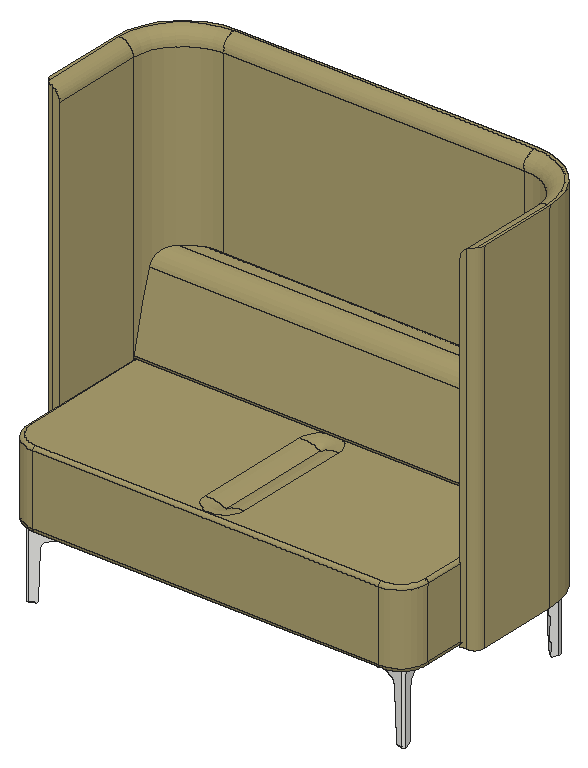
Revit family "NAU_Naughtone_Stng_Pullman2SEAT12", category Furniture, Revit 2017
Family settings
  OmniClass Number = 23.40.20.00
  OmniClass Title = General Furniture and Specialties
  Work Plane-Based = No
  Always vertical = Yes
  Cut with Voids When Loaded = No
  Shared = Yes
  Room Calculation Point = No
Parameters (values of type "Pullman 2 seat sofa PUL2H")
  WorksurfaceArea = 0.00 m²
  WarrantyStartDate [instance] = "1900-12-31T23:59:59"
  WarrantyGuarantorParts = "sales@naughtone.com"
  WarrantyGuarantorLabor = "sales@naughtone.com"
  WarrantyDurationUnit = "year"  # constant formula
  WarrantyDurationParts = "7"  # constant formula
  WarrantyDurationLabor = "7"  # constant formula
  WarrantyDescription = "Request warranty information from naughtone"
  Version = "1"
  Uniclass2015Version = "Products v1.15"  # constant formula
  Uniclass2015Title = "Chairs, seats and benches"  # constant formula
  Uniclass2015Code = "Pr_40_50_12"  # constant formula
  Uniclass2 = "n/a"
  URL = "www.naughtone.com"
  TagNumber [instance] = "n/a"
  TabletMaterial = NAU_Naughtone_Wood_Oak
  TableOffset = if(NominalLength = 1900 mm, 400 mm, 200 mm)  # 200 mm
  TableMaterial = NAU_Naughtone_MFMDF_White
  SustainabilityPerformance = "FSC certifeied, SCS indoor advantage gold"  # constant formula
  Style = "n/a"
  Size = "1300 x 675 x 1300mm"  # constant formula
  Shape = "Rectangular"  # constant formula
  SerialNumber [instance] = "n/a"
  SeatingHeight [instance] = 450 mm  # constant formula
  SeatMaterial = NAU_Maharam_Fabric_Teatro_007Yellow
  Revision = "n/a"
  ReplacementCost = "n/a"
  ProductInformation = "www.naughtone.com/products/pullman/"
  NumberOfChairs = 0
  NominalWidth = 676 mm  # constant formula
  NominalLength = 1300 mm  # constant formula
  NominalHeight = 1300 mm  # constant formula
  Name = "Seating_Pullman_2seatsofa_Naughtone"
  NBSTypeID = "n/a"
  NBSReference = "45-35-72/352"
  NBSOfficeMasterTag = "n/a"
  NBSDescription = "Seating"
  ModelReference = "Pullman 2 seat sofa"
  ModelNumber = "PUL2H"
  Model = ModelNumber  # "PUL2H"
  Material = "Fabric, plywood frame, foam, steel or wood legs"
  ManufacturerURL = "www.naughtone.com"
  ManufacturerName = "Naughtone"  # constant formula
  ManufacturerAddress = "Knaresborough Tech Park, Manse Lane, Knaresborough, HG5 8LF"  # constant formula
  Manufacturer = "sales@naughtone.com"
  MainColor = Color  # "Various"
  LowestSeatingHeight [instance] = 450 mm  # constant formula
  LegMaterial = NAU_Naughtone_Metal_Steel_White
  Keynote = Uniclass2015Code  # "Pr_40_50_12"
  IsRightTablet = no
  IsLeftTablet = no
  IsBackBoard = yes
  InstallationDate [instance] = "1900-12-31T23:59:59"
  IfcExportType = "SOFA"  # constant formula
  IfcExportAs = "IfcFurnishingElementType"
  HighestSeatingHeight [instance] = 450 mm  # constant formula
  Grade = "n/a"
  FrameMaterial = NAU_Naughtone_EPC_White
  Finish = "Fabric upholstery; white EPC/black EPC/oak/walnut legs"
  Features = "n/a"
  ExpectedLife = "n/a"
  DurationUnit = "year"  # constant formula
  Description = ModelReference  # "Pullman 2 seat sofa"
  CushionOffset = if(NominalLength = 1900 mm, 700 mm, 10 mm)  # 10 mm
  ContactTelephoneNumber = "+44 (0)1423 816500"  # constant formula
  ContactEmailAddress = "sales@naughtone.com"
  Constituents = "n/a"
  Color = "Various"
  CodePerformance = "n/a"
  Category = "Pr_40_50_12 : Chairs, seats and benches"
  BoothMaterial = NAU_Maharam_Fabric_Teatro_007Yellow
  BarCode [instance] = "n/a"
  BIMObjectName = "NAU_Naughtone_Seating_Pullman_2seatsofa"
  Author = "BIMBox"  # constant formula
  AssetType = "Movable"
  AssetIdentifier [instance] = "n/a"
  Assembly Code = "E2020200"
  AccessibilityPerformance = "n/a"  # constant formula
Types (4, lengths in mm): name | Name | ModelReference | ModelNumber | Model | Material | IsRightTablet | IsLeftTablet | Finish | Description | BIMObjectName
  Pullman 2 seat sofa with 2 tablet arms PUL2HT2 | "Seating_Pullman_2seatsofawith2tabletarms_Naughtone" | "Pullman 2 seat sofa with 2 tablet arms" | "PUL2HT2" | "PUL2HT2" | "Fabric, plywood frame, foam, steel/wooden legs, wooden table top" | yes | yes | "Fabric upholstery, oak/walnut wooden legs or black/white steel legs, wooden table top with oak/walnut veneer, white/black laminate, or lino top" | "Pullman 2 seat sofa with 2 tablet arms" | "NAU_Naughtone_Seating_Pullman_2seatsofawith2tabletarms"
  Pullman 2 seat sofa with tablet arm (right) PUL2HTR | "Seating_Pullman_2seatsofawithtabletarmright_Naughtone" | "Pullman 2 seat sofa with tablet arm right" | "PUL2HTR" | "PUL2HTR" | "Fabric, plywood frame, foam, steel/wooden legs, wooden table top" | yes | no | "Fabric upholstery; white EPC/black EPC/oak/walnut legs; whiteEPC/black EPC tablet arm; white MFMDF/black MFMDF/oak veneer MDF/walnut veneerMDF tablet top" | "Pullman 2 seat sofa with tablet arm right" | "NAU_Naughtone_Seating_Pullman_Pullman2seatsofawithtabletarmright"
  Pullman 2 seat sofa PUL2H | "Seating_Pullman_2seatsofa_Naughtone" | "Pullman 2 seat sofa" | "PUL2H" | "PUL2H" | "Fabric, plywood frame, foam, steel or wood legs" | no | no | "Fabric upholstery; white EPC/black EPC/oak/walnut legs" | "Pullman 2 seat sofa" | "NAU_Naughtone_Seating_Pullman_2seatsofa"
  Pullman 2 seat sofa with tablet arm (left) PUL2HTL | "Seating_Pullman_2seatsofawithtabletarmleft_Naughtone" | "Pullman 2 seat sofa with tablet arm left" | "PUL2HTL" | "PUL2HTL" | "Fabric, plywood frame, foam, steel/wooden legs, wooden table top" | no | yes | "Fabric upholstery; white EPC/black EPC/oak/walnut legs; whiteEPC/black EPC tablet arm; white MFMDF/black MFMDF/oak veneer MDF/walnut veneerMDF tablet top" | "Pullman 2 seat sofa with tablet arm left" | "NAU_Naughtone_Seating_Pullman_2seatsofawithtabletarmleft"
Reference planes
  plane 1 "Back": x = 650
  plane 2: z = 0
  plane 3 "Center (Left/Right)": x = 0
  plane 4: x = -650
  plane 5: y = 325
  plane 6: x = -603.698
  plane 7: x = -612.189
  plane 8: x = 602.649
  plane 9: x = 611.14
  plane 10: y = -351
  plane 11: y = -13
  plane 12: y = 274.448
  plane 13: y = -150
  plane 14: z = 692.191
  plane 15: z = 674.191
  plane 16: z = 671.058
  plane 17: through (-185.66, -248.894, 1200) normal (-0.3256, -0.9455, 0)
  plane 18: through (185.66, -248.894, 1200) normal (-0.3256, 0.9455, 0)
  plane 19: x = -587.527
  plane 20: x = 587.527
  plane 21: x = -700
  plane 22: x = 700
  plane 23: y = -111.79
  plane 24: y = 277.573
  plane 25: x = -610.573
  plane 26: x = -610.573
  plane 27: x = -608.343
  plane 28: y = -328.477
  plane 29: x = 608.343
  plane 30: x = 610.573
  plane 31: y = 277.573
  plane 32: y = 375
  plane 33: z = 212.711
  plane 34: z = 1292.711
Forms (mm)
  Extrusion 1, solid, material "NAU_Maharam_Fabric_Teatro_007Yellow" <- "SeatMaterial"
    sketch origin (49.476, -650, 0) x (0, -1, 0) y (1, 0, 0)
      loop
        arc (-924.448, -500.524) -> (-880.514, -606.59) -> (-774.448, -650.524) r 150
        line (-774.448, -650.524) -> (-380.989, -650.524)
        arc (-380.989, -650.524) -> (-323.007, -626.507) -> (-298.989, -568.524) r 82
        line (-298.989, -568.524) -> (-298.989, 468.524)
        arc (-298.989, 468.524) -> (-323.007, 526.507) -> (-380.989, 550.524) r 82
        line (-380.989, 550.524) -> (-774.448, 550.524)
        arc (-774.448, 550.524) -> (-880.514, 506.59) -> (-924.448, 400.524) r 150
        line (-924.448, 400.524) -> (-924.448, -500.524)
    from 212.711 to 442.875
  Sweep 2, void
    path in 3D
      loop
        arc (518, -351.011, 442.875) -> (575.983, -326.993, 442.875) -> (600, -269.011, 442.875) r 82
        line (600, -269.011, 442.875) -> (600, 124.448, 442.875)
        arc (600, 124.448, 442.875) -> (556.066, 230.514, 442.875) -> (450, 274.448, 442.875) r 150
        line (450, 274.448, 442.875) -> (-451.049, 274.448, 442.875)
        arc (-451.049, 274.448, 442.875) -> (-557.115, 230.514, 442.875) -> (-601.049, 124.448, 442.875) r 150
        line (-601.049, 124.448, 442.875) -> (-601.049, -269.011, 442.875)
        arc (-601.049, -269.011, 442.875) -> (-577.032, -326.993, 442.875) -> (-519.049, -351.011, 442.875) r 82
        line (-519.049, -351.011, 442.875) -> (518, -351.011, 442.875)
    profile origin (-0.524, -351.011, 442.875) x (0, 1, 0) y (0, 0, 1)
      loop
        line (0, 0) -> (0, -10)
        arc (0, -10) -> (2.929, -2.929) -> (10, 0) r 10
        line (10, 0) -> (0, 0)
      loop
        line (0, -230.163) -> (10, -230.163)
        arc (10, -230.163) -> (2.929, -227.234) -> (0, -220.163) r 10
        line (0, -220.163) -> (0, -230.163)
  Extrusion 3, solid, material "NAU_Maharam_Fabric_Teatro_007Yellow" <- "SeatMaterial"
    sketch origin (650, 0, 0) x (0, -1, 0) y (0, 0, 1)
      loop
        arc (-131.838, 442.875) -> (-127.147, 445.112) -> (-125.934, 450.166) r 6.036
        line (-125.934, 450.166) -> (-172.878, 671.018)
        arc (-172.878, 671.018) -> (-193.807, 705.173) -> (-231.566, 718.544) r 60
        line (-231.566, 718.544) -> (-267.448, 718.544)
        arc (-267.448, 718.544) -> (-272.398, 716.494) -> (-274.448, 711.544) r 7
        line (-274.448, 711.544) -> (-274.448, 442.875) -> (-131.838, 442.875)
    from -50 to 1350
  Extrusion 4, solid, material "NAU_Maharam_Fabric_Teatro_007Yellow" <- "BoothMaterial", visible <- "IsBackBoard"
    sketch origin (650, -650, 0) x (0, -1, 0) y (1, 0, 0)
      loop
        line (-530, 0) -> (-775, 0)
        arc (-775, 0) -> (-916.421, -58.579) -> (-975, -200) r 200
        line (-975, -200) -> (-975, -1100)
        arc (-975, -1100) -> (-916.421, -1241.421) -> (-775, -1300) r 200
        line (-775, -1300) -> (-530, -1300)
        arc (-530, -1300) -> (-508.787, -1291.213) -> (-500, -1270) r 30
        line (-500, -1270) -> (-500, -1250) -> (-775, -1250)
        arc (-775, -1250) -> (-881.066, -1206.066) -> (-925, -1100) r 150
        line (-925, -1100) -> (-925, -200)
        arc (-925, -200) -> (-881.066, -93.934) -> (-775, -50) r 150
        line (-775, -50) -> (-500, -50) -> (-500, -30)
        arc (-500, -30) -> (-508.787, -8.787) -> (-530, 0) r 30
    from 212.711 to 1292.711
  Extrusion 5, void
    sketch origin (650, -650, 0) x (1, 0, 0) y (0, 0, 1)
      loop
        line (-590.909, 442.875) -> (-709.091, 442.875)
        arc (-709.091, 442.875) -> (-678.783, 439.455) -> (-650, 429.368) r 136.01
        arc (-650, 429.368) -> (-621.217, 439.455) -> (-590.909, 442.875) r 136.01
    from -370.9 to -724.9
  Revolve 6, void
    sketch origin (650, -279.1, 0) x (1, 0, 0) y (0, 0, 1)
      loop
        arc (-709.091, 442.875) -> (-678.783, 439.455) -> (-650, 429.368) r 136.01
        line (-650, 429.368) -> (-650, 442.875) -> (-709.091, 442.875)
      axis (-650, 442.875) -> (-650, 429.368)
    angle from -180 to 0
  Revolve 7, void
    sketch origin (650, 74.9, 0) x (1, 0, 0) y (0, 0, 1)
      loop
        arc (-650, 429.368) -> (-621.217, 439.455) -> (-590.909, 442.875) r 136.01
        line (-590.909, 442.875) -> (-650, 442.875) -> (-650, 429.368)
      axis (-650, 442.875) -> (-650, 429.368)
    angle from 0 to 180
  Sweep 8, void
    path in 3D
      loop
        line (-600, -150, 1292.711) -> (-600, 125, 1292.711)
        arc (-600, 125, 1292.711) -> (-556.066, 231.066, 1292.711) -> (-450, 275, 1292.711) r 150
        line (-450, 275, 1292.711) -> (450, 275, 1292.711)
        arc (450, 275, 1292.711) -> (556.066, 231.066, 1292.711) -> (600, 125, 1292.711) r 150
        line (600, 125, 1292.711) -> (600, -150, 1292.711)
    profile origin (-600, -12.5, 1292.711) x (-1, 0, 0) y (0, 0, 1)
      loop
        line (50, 0) -> (50, 20) -> (-19.448, 20) -> (-19.448, -65) -> (0, -65) -> (0, -41.9)
        arc (0, -41.9) -> (12.272, -12.272) -> (41.9, 0) r 41.9
        line (41.9, 0) -> (50, 0)
  Extrusion 9, void
    sketch origin (650, -650, 0) x (0, -1, 0) y (1, 0, 0)
      loop
        line (-299, -1250) -> (-774.448, -1250)
        arc (-774.448, -1250) -> (-880.514, -1206.066) -> (-924.448, -1100) r 150
        line (-924.448, -1100) -> (-924.448, -200)
        arc (-924.448, -200) -> (-880.514, -93.934) -> (-774.448, -50) r 150
        line (-774.448, -50) -> (-299, -50) -> (-299, 50) -> (-1025, 50) -> (-1025, -1350) -> (-299, -1350) -> (-299, -1250)
    from 1292.711 to 0
Cuts and joins
  Sweep 2, Extrusion 5, Revolve 6, Revolve 7 cuts Extrusion 1
  Sweep 8 cuts Extrusion 4
  Extrusion 9 cuts Extrusion 3
Lines and regions (mm)
  sketch lines
    curve 1: line (-519.049, -351.011, 442.875) -> (518, -351.011, 442.875)
    curve 2: arc (600, -269.011, 442.875) -> (575.983, -326.993, 442.875) -> (518, -351.011, 442.875) r 82
    curve 3: line (600, -269.011, 442.875) -> (600, 124.448, 442.875)
    curve 4: arc (450, 274.448, 442.875) -> (556.066, 230.514, 442.875) -> (600, 124.448, 442.875) r 150
    curve 5: line (450, 274.448, 442.875) -> (-451.049, 274.448, 442.875)
    curve 6: arc (-601.049, 124.448, 442.875) -> (-557.115, 230.514, 442.875) -> (-451.049, 274.448, 442.875) r 150
    curve 7: line (-601.049, 124.448, 442.875) -> (-601.049, -269.011, 442.875)
    curve 8: arc (-519.049, -351.011, 442.875) -> (-577.032, -326.993, 442.875) -> (-601.049, -269.011, 442.875) r 82
    curve 9: line (-600, -150, 1292.711) -> (-600, 125, 1292.711)
    curve 10: arc (-450, 275, 1292.711) -> (-556.066, 231.066, 1292.711) -> (-600, 125, 1292.711) r 150
    curve 11: line (-450, 275, 1292.711) -> (450, 275, 1292.711)
    curve 12: arc (600, 125, 1292.711) -> (556.066, 231.066, 1292.711) -> (450, 275, 1292.711) r 150
    curve 13: line (600, 125, 1292.711) -> (600, -150, 1292.711)
Dimensions and locks
  "NominalLength": plane 1 "Back" to plane 4
  equal spacing: Extrusion 4 sketch curve, Extrusion 4 sketch curve, Extrusion 4 sketch curve, plane 3 "Center (Left/Right)", Extrusion 4 sketch curve, Extrusion 4 sketch curve, Extrusion 4 sketch curve
  Extrusion 4 sketch curve to Extrusion 4 sketch curve to Extrusion 4 sketch curve to plane 1 "Back" = 0 mm locked, 170 mm locked, 30 mm locked
  Extrusion 4 sketch curve to Extrusion 4 sketch curve to Extrusion 4 sketch curve to plane 4 = 0 mm locked, 170 mm locked, 30 mm locked
  plane 6 to plane 7 to plane 4 = 8.491 mm locked, 37.811 mm locked
  plane 8 to plane 9 to plane 1 "Back" = 8.491 mm locked, 38.86 mm locked
  Extrusion 5 sketch curve to Extrusion 5 sketch curve = 118.182 mm
  Extrusion 5 sketch curve to Extrusion 5 sketch curve to plane 2 = 0 mm locked, 306.865 mm locked
  Extrusion 3 sketch curve to Extrusion 3 sketch curve to Extrusion 3 sketch curve to Extrusion 3 sketch curve to Extrusion 3 sketch curve to plane 2 = 7 mm locked, 53 mm locked, 209.633 mm locked, 6.036 mm locked, 442.875 mm locked
  equal spacing: plane 5, plane 11, plane 10
  "NominalWidth": plane 5 to plane 10
  equal spacing: plane 4, plane 3 "Center (Left/Right)", plane 1 "Back"
  locked: plane 5 to plane 12 at 50.552
  locked: plane 5 to plane 13 at 475
  locked: plane 14 to plane 15 at 18
  locked: plane 15 to plane 16 at 3.133
  locked: plane 4 to plane 19 at 62.473
  locked: plane 20 to plane 1 "Back" at 62.473
  locked: plane 21 to plane 4 at 50
  locked: plane 1 "Back" to plane 22 at 50
  locked: plane 7 to plane 25 at 1.616
  locked: plane 12 to plane 24 at 3.125
  locked: plane 7 to plane 26 at 1.616
  locked: plane 5 to Extrusion 4 sketch curve at 445  (x2)
  locked: plane 5 to Extrusion 4 sketch curve at 200  (x2)
  locked: plane 7 to plane 27 at 3.846
  locked: plane 10 to plane 28 at 22.523
  locked: plane 29 to plane 9 at 2.797
  locked: plane 31 to plane 12 at 3.125
  locked: plane 30 to plane 1 "Back" at 39.427
  locked: plane 32 to plane 5 at 50
  locked: plane 33 to plane 2 at 212.711
  locked: plane 34 to plane 2 at 1292.711
  locked: plane 21 to Extrusion 9 sketch curve at 250
  locked: plane 32 to Extrusion 9 sketch curve at 250.552  (x2)
  locked: Extrusion 9 sketch curve to plane 22 at 250
  locked: plane 17 to plane 10 (angle 19.00°)
  locked: plane 10 to plane 18 (angle 19.00°)
  aligned and locked: level to plane 2
  aligned and locked: Revolve 6 sketch curve to cut or joined group of Extrusion 1, Sweep 2, Extrusion 5, Revolve 6, Revolve 7
  aligned and locked: Revolve 7 sketch curve to cut or joined group of Extrusion 1, Sweep 2, Extrusion 5, Revolve 6, Revolve 7
  aligned and locked: cut or joined group of Extrusion 1, Sweep 2, Extrusion 5, Revolve 6, Revolve 7 to Revolve 7 sketch curve
  aligned and locked: Extrusion 4 sketch curve to plane 4
  aligned and locked: Extrusion 4 sketch curve to plane 13
  aligned and locked: plane 13 to Extrusion 4 sketch curve
  aligned and locked: Extrusion 3 to plane 21
  aligned and locked: Extrusion 3 to plane 22
  aligned and locked: plane 24 to nested 1
  aligned and locked: plane 12 to Extrusion 3
  aligned and locked: nested 1 to plane 26
  aligned and locked: nested 4 to plane 28
  aligned and locked: nested 3 to plane 30
  aligned and locked: Extrusion 3 to plane 12
  aligned and locked: plane 29 to nested 4
  aligned and locked: plane 27 to nested 5
  aligned and locked: plane 28 to nested 5
  aligned and locked: plane 19 to nested 2
  aligned and locked: plane 23 to nested 2
  aligned and locked: nested 6 to plane 20
  aligned and locked: nested 6 to plane 23
  aligned and locked: plane 32 to Extrusion 9 sketch curve
  aligned and locked: plane 21 to Extrusion 9 sketch curve
  aligned and locked: Extrusion 9 sketch curve to plane 22
  aligned and locked: plane 10 to Extrusion 9 sketch curve
  aligned and locked: Extrusion 9 to plane 2
  aligned and locked: Extrusion 9 to plane 34
  aligned and locked: Extrusion 9 sketch curve to plane 10
  aligned and locked: Extrusion 9 sketch curve to plane 12
Automatic sketch dimensions
  Extrusion 5 sketch curve to Extrusion 5 sketch curve = 0 mm  (x3)
  Extrusion 5 sketch curve to Extrusion 5 sketch curve = 122.503 mm
  Extrusion 1 sketch curve to plane 12 = 0 mm
  Extrusion 1 sketch curve to plane 8 = 2.649 mm
  plane 11 to Extrusion 1 sketch curve = 137.448 mm  (x2)
  Extrusion 1 sketch curve to plane 28 = 59.466 mm  (x2)
  Extrusion 1 sketch curve to plane 6 = 2.649 mm
  Extrusion 1 sketch curve to plane 10 = 0.011 mm
  Sweep 2 sketch curve to profile plane = 0 mm  (x3)
  Sweep 2 sketch curve to profile plane = 10 mm  (x2)
  Sweep 2 sketch curve to Sweep 2 sketch curve = 210.163 mm
  Extrusion 3 sketch curve to plane 12 = 0 mm
  Extrusion 3 sketch curve to plane 12 = 42.882 mm
  plane 16 to Extrusion 3 sketch curve = 0.039 mm
  Extrusion 3 sketch curve to plane 12 = 142.61 mm
  Extrusion 3 sketch curve to Extrusion 3 sketch curve = 5.904 mm
  Extrusion 4 sketch curve to Extrusion 4 sketch curve = 0 mm  (x3)
  plane 12 to Extrusion 4 sketch curve = 0.552 mm
  Extrusion 4 sketch curve to plane 20 = 137.527 mm
  Revolve 6 sketch curve to Extrusion 5 = 0 mm
  Revolve 6 sketch curve to Revolve 6 sketch curve = 59.091 mm
  Revolve 6 sketch curve to Revolve 6 sketch curve = 0 mm  (x2)
  Revolve 6 sketch curve to Revolve 6 sketch curve = 611.665 mm
  Revolve 6 sketch curve to Extrusion 5 = 1995.525 mm
  Revolve 7 sketch curve to Extrusion 5 = 13.507 mm
  Revolve 7 sketch curve to Revolve 7 sketch curve = 59.091 mm
  Revolve 7 sketch curve to Revolve 7 sketch curve = 0 mm
  Revolve 7 sketch curve to Revolve 7 sketch curve = 611.665 mm
  Extrusion 5 to Revolve 7 sketch curve = 1995.525 mm
  Sweep 8 sketch curve to profile plane = 0 mm  (x2)
  profile plane to Sweep 8 sketch curve = 19.448 mm
  Sweep 8 sketch curve to profile plane = 41.9 mm
  Sweep 8 sketch curve to Sweep 8 sketch curve = 8.1 mm
  Sweep 8 sketch curve to Sweep 8 sketch curve = 23.1 mm
  profile plane to Sweep 8 sketch curve = 20 mm
Nested families
  nested 1: "Naughtone_Pullman_Leg" at (-610.573, 277.573, 0) x (0, -1, 0) z (0, 0, 1), LegMtrl <- "LegMaterial", type "Naughtone_Pullman_Leg"
    with LegMtrl NAU_Naughtone_Metal_Steel_White
  nested 2: "Table" at (-229.873, -235.902, 0), FrameMaterial <- "FrameMaterial", TableTopMaterial <- "TabletMaterial", visible <- "IsRightTablet", type "Table"
    with TableTopMaterial NAU_Naughtone_Wood_Oak, FrameMaterial NAU_Naughtone_EPC_White
  nested 3: "Naughtone_Pullman_Leg" at (610.573, 277.573, 0) x (0, -1, 0) z (0, 0, 1), LegMtrl <- "LegMaterial", type "Naughtone_Pullman_Leg"
    with LegMtrl NAU_Naughtone_Metal_Steel_White
  nested 4: "Naughtone_Pullman_Leg" at (608.343, -328.477, 0) x (0, 1, 0) z (0, 0, 1), LegMtrl <- "LegMaterial", type "Naughtone_Pullman_Leg"
    with LegMtrl NAU_Naughtone_Metal_Steel_White
  nested 5: "Naughtone_Pullman_Leg" at (-608.343, -328.477, 0) x (0, 1, 0) z (0, 0, 1), LegMtrl <- "LegMaterial", type "Naughtone_Pullman_Leg"
    with LegMtrl NAU_Naughtone_Metal_Steel_White
  nested 6: "Table" at (229.873, -235.902, 0) x (-1, 0, 0) z (0, 0, 1), FrameMaterial <- "FrameMaterial", TableTopMaterial <- "TabletMaterial", visible <- "IsLeftTablet", type "Table"
    with TableTopMaterial NAU_Naughtone_Wood_Oak, FrameMaterial NAU_Naughtone_EPC_White
Definition of nested family "Naughtone_Pullman_Leg"
  Parameters (values of type "Naughtone_Pullman_Leg")
    LegMtrl [instance] = none
  Reference planes
    plane 1 "Center (Front/Back)": y = 0
    plane 2: z = 0
    plane 3 "Center (Left/Right)": x = 0
  Forms (mm)
    Extrusion 1, solid, material <- "LegMtrl"
      sketch origin (9.997, 40.77, 0) x (1, 0, 0) y (0, 1, 0)
        loop
          arc (0.355, 8.045) -> (1.75, 1.753) -> (8.042, 0.358) r 5.997
          line (8.042, 0.358) -> (158.972, 55.291)
          arc (158.972, 55.291) -> (162.144, 58.907) -> (160.798, 63.525) r 5
          line (160.798, 63.525) -> (63.521, 160.802)
          arc (63.521, 160.802) -> (58.903, 162.148) -> (55.287, 158.976) r 5
          line (55.287, 158.976) -> (0.355, 8.045)
      from 0 to 218.999
    Extrusion 2, void
      sketch origin (9.997, 40.77, 0) x (-0.707107, -0.707107, 0) y (0, 0, 1)
        loop
          line (-0.481, 0.479) -> (-21.781, 0.479)
          arc (-21.781, 0.479) -> (-25.79, 2.099) -> (-27.548, 6.048) r 5.77
          line (-27.548, 6.048) -> (-32.467, 146.913)
          arc (-32.467, 146.913) -> (-37.752, 161.432) -> (-50.561, 170.072) r 25
          line (-50.561, 170.072) -> (-170.481, 204.458) -> (-170.481, -2.056) -> (-0.481, -2.056) -> (-0.481, 0.479)
      from -80 to 80
    Extrusion 3, void
      sketch origin (9.997, 40.77, 0) x (1, 0, 0) y (0, 1, 0)
        loop
          line (21.994, 71.996) -> (-2.374, 71.996) -> (-2.374, -2.326) -> (71.994, -2.326) -> (71.994, 21.996) -> (26.994, 21.996)
          arc (26.994, 21.996) -> (23.458, 23.461) -> (21.994, 26.996) r 5
          line (21.994, 26.996) -> (21.994, 71.996)
      from 209.95 to 218.999
    Extrusion 4, solid
      sketch origin (9.997, 40.77, 0) x (1, 0, 0) y (0, 1, 0)
        loop
          arc (0.829, 7.885) -> (2.11, 2.111) -> (7.883, 0.831) r 5.504
          line (7.883, 0.831) -> (20.509, 5.426)
          arc (20.509, 5.426) -> (21.777, 6.872) -> (21.239, 8.718) r 1.999
          line (21.239, 8.718) -> (8.722, 21.235)
          arc (8.722, 21.235) -> (6.87, 21.775) -> (5.419, 20.503) r 2.005
          line (5.419, 20.503) -> (0.829, 7.885)
      from 0 to 3.999
  Cuts and joins
    Extrusion 2, Extrusion 3 cuts Extrusion 1
  Dimensions and locks
    aligned and locked: level to plane 2
Definition of nested family "Table"
  Parameters (values of type "Table")
    TableTopMaterial [instance] = none
    FrameMaterial [instance] = none
  Reference planes
    plane 1 "Center (Front/Back)": y = 0
    plane 2: z = 0
    plane 3 "Center (Left/Right)": x = 0
    plane 4: through (12.409, -3.407, 1200) normal (-0.3267, -0.9451, 0)
    plane 5: x = -357.654
    plane 6: y = 124.112
  Forms (mm)
    Extrusion 1, solid, material <- "TableTopMaterial"
      sketch origin (1142.275, 1145.562, 0) x (1, 0, 0) y (0, 1, 0)
        loop
          circle (-1142.275, -1145.562) r 175
      from 674.191 to 692.191
    Sweep 2, void
      path in 3D
        loop
          arc (-175, 0, 692.191) -> (0, 175, 692.191) -> (175, 0, 692.191) r 175
          arc (175, 0, 692.191) -> (0, -175, 692.191) -> (-175, 0, 692.191) r 175
      profile origin (0, -175, 692.191) x (0, -1, 0) y (0, 0, 1)
        loop
          line (0, -6.001) -> (-11.999, -18) -> (0, -18) -> (0, -6.001)
    Sweep 3, solid, material <- "FrameMaterial"
      path in 3D
        loop
          line (-357.654, 124.112, 391.058) -> (-357.654, 124.112, 621.689)
          arc (-357.654, 124.112, 621.689) -> (-347.499, 120.615, 647.618) -> (-322.982, 112.174, 658.358) r 36.669
          line (-322.982, 112.174, 658.358) -> (44.086, -14.218, 658.358)
      profile origin (-139.448, 48.978, 658.358) x (0, 0, -1) y (0.325568, 0.945519, 0)
        loop
          circle (0, 0) r 12.5
    Extrusion 4, solid, material <- "TableTopMaterial"
      sketch origin (1142.275, 1145.562, 0) x (1, 0, 0) y (0, 1, 0)
        loop
          circle (-1142.275, -1145.562) r 50
      from 671.058 to 674.191
    Sweep 5, void
      path in 3D
        loop
          arc (175, 0, 692.191) -> (0, -175, 692.191) -> (-175, 0, 692.191) r 175
          arc (-175, 0, 692.191) -> (0, 175, 692.191) -> (175, 0, 692.191) r 175
      profile origin (0, 175, 692.191) x (0, 1, 0) y (0, 0, 1)
        loop
          line (0, 0) -> (-2, 0)
          arc (-2, 0) -> (-0.586, -0.586) -> (0, -2) r 2
          line (0, -2) -> (0, 0)
  Cuts and joins
    Sweep 2, Sweep 5 cuts Extrusion 1
  Lines and regions (mm)
    sketch lines
      curve 1: arc (175, 0, 692.191) -> (0, -175, 692.191) -> (-175, 0, 692.191) r 175
      curve 2: arc (-175, 0, 692.191) -> (0, 175, 692.191) -> (175, 0, 692.191) r 175
      curve 3: line (-322.982, 112.174, 658.358) -> (44.086, -14.218, 658.358)
      curve 4: arc (-357.654, 124.112, 621.689) -> (-347.499, 120.615, 647.618) -> (-322.982, 112.174, 658.358) r 36.669
      curve 5: line (-357.654, 124.112, 621.689) -> (-357.654, 124.112, 391.058)
      curve 6: arc (-175, 0, 692.191) -> (0, 175, 692.191) -> (175, 0, 692.191) r 175
      curve 7: arc (175, 0, 692.191) -> (0, -175, 692.191) -> (-175, 0, 692.191) r 175
  Dimensions and locks
    aligned and locked: level to plane 2
